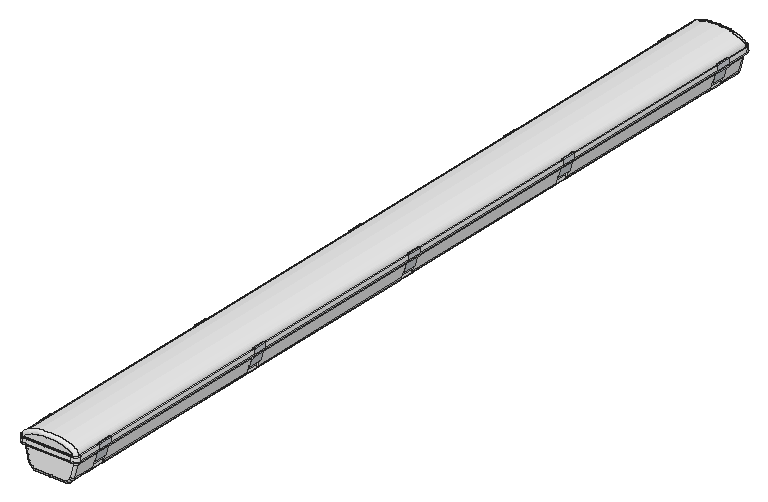
Revit family "0048834 Feilo Sylvania Lighting Fixture HYDROPROOF LED G3 1500MM T 4K QC D", category Lighting Fixtures, host Face, Revit 2016
Family settings
  Host = Face
  Part Type = Normal
  Round Connector Dimension = Use Diameter
  OmniClass Number = 23.80.70.11.14
  OmniClass Title = General Luminaries, Directional
  Cut with Voids When Loaded = No
  Light Source = Yes
  Shared = No
  Room Calculation Point = No
Parameters (values of type "0048834 HYDROPROOF LED G3 1500MM T 4K QC D")
  Width = 110 mm
  Weight = "2.67 kg"
  Wattage Comments = "n/a"
  Wattage = 47 W
  WarrantyStartDate [instance] = "n/a"
  WarrantyGuarantorParts = "n/a"
  WarrantyDurationUnit = "n/a"
  WarrantyDurationParts = "n/a"
  WarrantyDescription = "n/a"
  built-in parameter 1150110 = 1 (stored number, unit not read)
  Voltage = 230 V
  URL = "http://www.sylvania-lighting.com"
  TypeName = "HYDROPROOF LED G3 1500MM T 4K QC D"
  Type Image = <None>
  Type Comments = "n/a"
  built-in parameter 1114217 = 1 (stored number, unit not read)
  Tilt Angle = -90.00°
  built-in parameter 1150109 = 1 (stored number, unit not read)
  built-in parameter 1150134 = 12
  built-in parameter 1150113 = 1 (stored number, unit not read)
  SerialNumber [instance] = "n/a"
  ReflectorMaterial = none
  PowerFactor = 0
  PowerConsumption = "47 W"
  Photometric Web File = "0048834.ies"
  NominalWidth = 0 mm
  NominalLength = 1578 mm
  NominalHeight = 78 mm
  Name = "HYDROPROOF LED G3 1500MM T 4K QC D"
  ModelReference = "HYDROPROOF LED G3 1500MM T 4K QC D"
  ModelNumber = "0048834"
  Model = "HYDROPROOF LED G3 1500MM T 4K QC D"
  Material = "grp housing, pmma diffuser"
  ManufacturerName = "Feilo Sylvania"
  Manufacturer = "Feilo Sylvania"
  LuminousEfficacy = "147 lm/W"
  built-in parameter 1150105 = 549.8 (stored number, unit not read)
  Lumens = 6909 lm
  LuminaireType = ""
  built-in parameter 1150115 = 1 (stored number, unit not read)
  LightOutputRatio = "n/a"
  built-in parameter 1150137 = (empty or 0)
  built-in parameter 1150139 = (empty or 0)
  Length = 1572 mm
  LampsType = Lamp  # "LED"
  LampNominalLuminous = "6900 lm"
  LampMacAdamStep = "3"
  LampColourTemperature = "4000 K"
  LampColourRenderingIndex = "80"
  built-in parameter 1150112 = 1 (stored number, unit not read)
  built-in parameter 1150114 = 1 (stored number, unit not read)
  Lamp = "LED"
  Keynote = "16500"
  InstallationDate [instance] = "n/a"
  InputVoltage = "220-240V~"
  InputNominalFrequency = "DC/50/60 Hz"
  built-in parameter 1150132 = (empty or 0)
  built-in parameter 1150102 = (empty or 0)
  built-in parameter 1150107 = 4000 (stored number, unit not read)
  built-in parameter 1150138 = (empty or 0)
  IngressProtection = "IP65"
  ImpactProtectionIndex = "IK02"
  built-in parameter 1150106 = 5.498 (stored number, unit not read)
  IfcExportType = "IfcLightFixtureType"
  IfcExportAs = "IfcLightFixtureType"
  ExpectedLife = 50000
  Emit from Rectangle Width = Width - 20 mm  # 90 mm
  Emit from Rectangle Length = Length - 20 mm  # 1552 mm
  Emit Shape Visible in Rendering = no
  ElectricShockClassification = "Class I"
  built-in parameter 1150104 = 13.657 (stored number, unit not read)
  DurationUnit = "hours"
  DocumentationLiterature = "http://www.sylvania-lighting.com/product/en-int/products/0048834"
  DimmingControlOptions = "Dimmable"
  Dimming Lamp Color Temperature Shift = <None>
  DiffuserMaterial = Diffuser-Sylvania-Transparent
  Description = "Hydroproof, integrated LED chemical resistant weatherproof luminaire with quick connector, with UV stabilized flat diffuser and linear prisms designed to achieve uniform lit appearance, optimise light output and to reduce glare, stainless steel diffuser clips and fixing brackets for surface and wall mounting. L 1578 mm x W 110 mm x H 78 mm size, GRP housing, PMMA diffuser, DALI dimmable, 4000K, CRI80,  6900 lm, 47 W, 147 lm/W, nominal average life (h):50000, energy class: A++ A+ A Class I,IK02, IP65."
  Default Elevation = 1219.2 mm
  CreatedOn = "3/27/2018"
  CreatedBy = "aron.fodor@feilosylvania.com"
  Cost = 0
  Color Filter = 16777215
  built-in parameter 1114216 [instance] = (empty or 0)
  ClassificationValue = "EF_70_80"
  ClassificationName = "Uniclass2015"
  BodyMaterial = Body-Sylvania-Gray
  BarCode [instance] = "n/a"
  built-in parameter 1114218 = 1 (stored number, unit not read)
  built-in parameter 1150133 = 10 (stored number, unit not read)
  AssetType = "Fixed"
  AssetIdentifier [instance] = "n/a"
  Assembly Code = "D5020200"
  Apparent Load = 47 VA
  AccessoryMaterial = Diffuser-Sylvania-Glow
Reference planes
  plane 1 "Center (Front/Back)": y = 0
  plane 2: z = 0
  plane 3 "Center (Left/Right)": x = 0
  plane 4: z = 54
  plane 5: x = -27.7
  plane 6: x = -34.8
  plane 7: x = -39.6
  plane 8: x = -42.2
  plane 9: z = 3
  plane 10: z = 7.8
  plane 11: z = 12.3
  plane 12: z = 36.6
  plane 13: z = 42.8
  plane 14: x = -51.1
  plane 15: z = 46.2
  plane 16: x = -55
  plane 17: y = 786
  plane 18: y = -786
  plane 19: x = 27.7
  plane 20: x = 34.8
  plane 21: x = 39.6
  plane 22: x = 42.2
  plane 23: x = 51.1
  plane 24: x = 55
  plane 25: y = 778.4
  plane 26: y = -778.4
  plane 27: y = -774.7
  plane 28: y = 774.7
  plane 29: z = 74
  plane 30: x = -51.5
  plane 31: x = 51.5
  plane 32: z = 55.2
  plane 33: y = -782.5
  plane 34: y = 782.5
  plane 35: x = -37.5
  plane 36: x = 37.5
  plane 37: x = -48.7
  plane 38: x = 48.7
  plane 39: x = 18
  plane 40: x = -18
  plane 41: z = 50.2
  plane 42: z = 24.6
  plane 43: y = 720
  plane 44: y = 706
  plane 45: y = 734
  plane 46: y = -720
  plane 47: y = 720
  plane 48: y = 706
  plane 49: y = 734
  plane 50: y = -720
  plane 51: y = -734
  plane 52: y = -706
  plane 53: y = 360
  plane 54: y = 346
  plane 55: y = 374
  plane 56: y = 0
  plane 57: y = -14
  plane 58: y = 14
  plane 59: y = -360
  plane 60: y = -374
  plane 61: y = -346
Forms (mm)
  Sweep 1, solid, material "Body-Sylvania-Gray" <- "BodyMaterial", detail levels medium+fine
    path origin (1223.4, -4572, 54) x (0, -1, 0) y (1, 0, 0)
      loop
        arc (-3796, -1278.4) -> (-3788.929, -1275.471) -> (-3786, -1268.4) r 10
        line (-3786, -1268.4) -> (-3786, -1178.4)
        arc (-3786, -1178.4) -> (-3788.929, -1171.329) -> (-3796, -1168.4) r 10
        line (-3796, -1168.4) -> (-5348, -1168.4)
        arc (-5348, -1168.4) -> (-5355.071, -1171.329) -> (-5358, -1178.4) r 10
        line (-5358, -1178.4) -> (-5358, -1268.4)
        arc (-5358, -1268.4) -> (-5355.071, -1275.471) -> (-5348, -1278.4) r 10
        line (-5348, -1278.4) -> (-3796, -1278.4)
    profile origin (-55, 0, 54) x (-1, 0, 0) y (0, 0, 1)
      loop
        line (0, 0) -> (-1, 0) -> (-1, -7.726)
        arc (-1, -7.726) -> (-1.994, -9.498) -> (-3.9, -10.2) r 2.937
        line (-3.9, -10.2) -> (-8.571, -10.2) -> (-8.571, -11.2) -> (-3.9, -11.2)
        arc (-3.9, -11.2) -> (-1.313, -10.231) -> (0, -7.8) r 3.937
        line (0, -7.8) -> (0, 0)
  Sweep 2, solid, material "Body-Sylvania-Gray" <- "BodyMaterial", detail levels medium+fine
    path origin (0, 0, 0) x (1, 0, 0) y (0, 0, 1)
      loop
        line (48.7, 42.8) -> (48.7, 36.6) -> (42.203, 12.31)
        arc (42.203, 12.31) -> (41.199, 9.884) -> (39.6, 7.8) r 10.052
        line (39.6, 7.8) -> (34.8, 3)
        arc (34.8, 3) -> (31.554, 0.781) -> (27.7, 0) r 9.902
        line (27.7, 0) -> (0, 0) -> (-27.7, 0)
        arc (-27.7, 0) -> (-31.554, 0.781) -> (-34.8, 3) r 9.902
        line (-34.8, 3) -> (-39.6, 7.8)
        arc (-39.6, 7.8) -> (-41.199, 9.884) -> (-42.203, 12.31) r 10.052
        line (-42.203, 12.31) -> (-48.7, 36.6) -> (-48.7, 42.8)
    profile origin (0, 0, 0) x (0, 0, -1) y (0, -1, 0)
      loop
        arc (0, 773.4) -> (-1.464, 776.936) -> (-5, 778.4) r 5
        line (-5, 778.4) -> (-7.8, 778.4) -> (-7.8, -778.4) -> (-5, -778.4)
        arc (-5, -778.4) -> (-1.464, -776.936) -> (0, -773.4) r 5
        line (0, -773.4) -> (0, 773.4)
  Extrusion 3, solid, material "Body-Sylvania-Gray" <- "BodyMaterial", detail levels medium+fine
    sketch origin (1524, 778.4, 1219.2) x (1, 0, 0) y (0, 0, 1)
      loop
        arc (-1558.668, -1204.874) -> (-1558.443, -1205.418) -> (-1558.085, -1205.885) r 2.252
        line (-1558.085, -1205.885) -> (-1553.231, -1210.738)
        arc (-1553.231, -1210.738) -> (-1552.534, -1211.227) -> (-1551.7, -1211.4) r 2.102
        line (-1551.7, -1211.4) -> (-1496.3, -1211.4)
        arc (-1496.3, -1211.4) -> (-1495.466, -1211.227) -> (-1494.769, -1210.738) r 2.102
        line (-1494.769, -1210.738) -> (-1489.915, -1205.885)
        arc (-1489.915, -1205.885) -> (-1489.557, -1205.418) -> (-1489.332, -1204.874) r 2.252
        line (-1489.332, -1204.874) -> (-1483.1, -1181.575) -> (-1483.1, -1176.4) -> (-1564.9, -1176.4) -> (-1564.9, -1181.575) -> (-1558.668, -1204.874)
    from 0 to 1556.8
  Sweep 4, solid, material "Diffuser-Sylvania-Transparent" <- "DiffuserMaterial", detail levels medium+fine
    path origin (0, 0, 0) x (1, 0, 0) y (0, 0, 1)
      loop
        spline (-51.5, 55.2) -> (-49.745, 60.066) -> (-44.6, 64.6) -> (-36.416, 68.494) -> (-25.75, 71.481) -> (-13.329, 73.359) -> (0, 74) -> (13.329, 73.359) -> (25.75, 71.481) -> (36.416, 68.494) -> (44.6, 64.6) -> (49.745, 60.066) -> (51.5, 55.2)
    profile origin (51.5, 0, 55.2) x (0, -1, 0) y (1, 0, 0)
      loop
        arc (782.5, -5.5) -> (780.889, -1.611) -> (777, 0) r 5.5
        line (777, 0) -> (-777, 0)
        arc (-777, 0) -> (-780.889, -1.611) -> (-782.5, -5.5) r 5.5
        line (-782.5, -5.5) -> (-782.5, -6.3) -> (-781.5, -6.3) -> (-781.5, -5.5)
        arc (-781.5, -5.5) -> (-780.182, -2.318) -> (-777, -1) r 4.5
        line (-777, -1) -> (777, -1)
        arc (777, -1) -> (780.182, -2.318) -> (781.5, -5.5) r 4.5
        line (781.5, -5.5) -> (781.5, -6.347) -> (782.5, -6.347) -> (782.5, -5.5)
  Extrusion 5, solid, material "Diffuser-Sylvania-Transparent" <- "DiffuserMaterial", detail levels medium+fine
    sketch origin (1524, -782.5, 1219.2) x (1, 0, 0) y (0, 0, 1)
      loop
        line (-1569.653, -1164) -> (-1478.347, -1164)
        spline (-1478.347, -1164) -> (-1478.969, -1162.594) -> (-1482.527, -1159.545) -> (-1489.588, -1156.201) -> (-1499.458, -1153.445) -> (-1511.242, -1151.663) -> (-1524, -1151.049) -> (-1536.758, -1151.663) -> (-1548.542, -1153.445) -> (-1558.412, -1156.201) -> (-1565.473, -1159.545) -> (-1569.031, -1162.594) -> (-1569.653, -1164)
    from 0 to -1
  Extrusion 6, solid, material "Diffuser-Sylvania-Transparent" <- "DiffuserMaterial", detail levels medium+fine
    sketch origin (1524, 782.5, 1219.2) x (1, 0, 0) y (0, 0, 1)
      loop
        spline (-1478.3, -1164) -> (-1478.931, -1162.565) -> (-1482.502, -1159.505) -> (-1489.572, -1156.155) -> (-1499.446, -1153.394) -> (-1511.236, -1151.614) -> (-1524, -1151.007) -> (-1536.764, -1151.614) -> (-1548.554, -1153.394) -> (-1558.428, -1156.155) -> (-1565.498, -1159.505) -> (-1569.069, -1162.565) -> (-1569.7, -1164)
        line (-1569.7, -1164) -> (-1478.3, -1164)
    from 0 to 1
  Extrusion 7, solid, material "Diffuser-Sylvania-Transparent" <- "DiffuserMaterial", detail levels medium+fine
    sketch origin (1223.4, -4572, 55.2) x (0, -1, 0) y (-1, 0, 0)
      loop
        arc (-5353.5, 1177.4) -> (-5352.182, 1174.218) -> (-5349, 1172.9) r 4.5
        line (-5349, 1172.9) -> (-3795, 1172.9)
        arc (-3795, 1172.9) -> (-3791.818, 1174.218) -> (-3790.5, 1177.4) r 4.5
        line (-3790.5, 1177.4) -> (-3790.5, 1269.4)
        arc (-3790.5, 1269.4) -> (-3791.818, 1272.582) -> (-3795, 1273.9) r 4.5
        line (-3795, 1273.9) -> (-5349, 1273.9)
        arc (-5349, 1273.9) -> (-5352.182, 1272.582) -> (-5353.5, 1269.4) r 4.5
        line (-5353.5, 1269.4) -> (-5353.5, 1177.4)
      loop
        line (-5358, 1268.4) -> (-5358, 1178.4)
        arc (-5358, 1178.4) -> (-5355.071, 1171.329) -> (-5348, 1168.4) r 10
        line (-5348, 1168.4) -> (-3796, 1168.4)
        arc (-3796, 1168.4) -> (-3788.929, 1171.329) -> (-3786, 1178.4) r 10
        line (-3786, 1178.4) -> (-3786, 1268.4)
        arc (-3786, 1268.4) -> (-3788.929, 1275.471) -> (-3796, 1278.4) r 10
        line (-3796, 1278.4) -> (-5348, 1278.4)
        arc (-5348, 1278.4) -> (-5355.071, 1275.471) -> (-5358, 1268.4) r 10
    from 0 to 1.2
  Extrusion 8, solid, material "Diffuser-Sylvania-Glow" <- "AccessoryMaterial", detail levels fine
    sketch origin (0, 0, 0) x (1, 0, 0) y (0, 0, 1)
      loop
        circle (-18, 50.2) r 8
      loop
        circle (18, 50.2) r 8
    from -774.7 to 774.7
  Extrusion 9, void
    sketch origin (0, 720, 2343.807) x (0, 0, -1) y (-1, 0, 0)
      loop
        line (2340.807, -37.5) -> (2331.507, -37.5) -> (2319.207, -42.2) -> (2319.207, -48.7) -> (2340.807, -48.7) -> (2340.807, -37.5)
      loop
        line (2340.807, 37.5) -> (2340.807, 48.7) -> (2319.207, 48.7) -> (2319.207, 42.2) -> (2331.507, 37.5) -> (2340.807, 37.5)
    from -14 to 14
  Extrusion 10, solid, material "Body-Sylvania-Gray" <- "BodyMaterial", detail levels coarse
    sketch origin (0, 0, 0) x (1, 0, 0) y (0, 0, 1)
      loop
        line (55, 42.8) -> (55, 55.2) -> (-55, 55.2) -> (-55, 42.791) -> (-42.2, 0) -> (42.2, 0) -> (55, 42.8)
    from -786 to 786
  Extrusion 11, solid, material "Diffuser-Sylvania-Transparent" <- "DiffuserMaterial", detail levels coarse
    sketch origin (0, 0, 0) x (1, 0, 0) y (0, 0, 1)
      loop
        arc (51.5, 55.2) -> (0, 74) -> (-51.5, 55.2) r 79.939
        line (-51.5, 55.2) -> (51.5, 55.2)
    from 778.4 to -778.4
  Extrusion 12, void, not visible
    sketch origin (0, 720, 2343.807) x (0, 0, -1) y (-1, 0, 0)
      loop
        line (2340.807, -37.5) -> (2331.507, -37.5) -> (2319.207, -42.2) -> (2319.207, -48.7) -> (2340.807, -48.7) -> (2340.807, -37.5)
      loop
        line (2340.807, 37.5) -> (2340.807, 48.7) -> (2319.207, 48.7) -> (2319.207, 42.2) -> (2331.507, 37.5) -> (2340.807, 37.5)
    from -14 to 14
  Extrusion 13, void
    sketch origin (0, -720, 2343.807) x (0, 0, -1) y (-1, 0, 0)
      loop
        line (2340.807, -37.5) -> (2331.507, -37.5) -> (2319.207, -42.2) -> (2319.207, -48.7) -> (2340.807, -48.7) -> (2340.807, -37.5)
      loop
        line (2340.807, 37.5) -> (2340.807, 48.7) -> (2319.207, 48.7) -> (2319.207, 42.2) -> (2331.507, 37.5) -> (2340.807, 37.5)
    from -14 to 14
  Extrusion 14, void
    sketch origin (0, 360, 2343.807) x (0, 0, -1) y (-1, 0, 0)
      loop
        line (2340.807, -37.5) -> (2331.507, -37.5) -> (2319.207, -42.2) -> (2319.207, -48.7) -> (2340.807, -48.7) -> (2340.807, -37.5)
      loop
        line (2340.807, 37.5) -> (2340.807, 48.7) -> (2319.207, 48.7) -> (2319.207, 42.2) -> (2331.507, 37.5) -> (2340.807, 37.5)
    from -14 to 14
  Extrusion 15, void
    sketch origin (0, 0, 2343.807) x (0, 0, -1) y (-1, 0, 0)
      loop
        line (2340.807, -37.5) -> (2331.507, -37.5) -> (2319.207, -42.2) -> (2319.207, -48.7) -> (2340.807, -48.7) -> (2340.807, -37.5)
      loop
        line (2340.807, 37.5) -> (2340.807, 48.7) -> (2319.207, 48.7) -> (2319.207, 42.2) -> (2331.507, 37.5) -> (2340.807, 37.5)
    from -14 to 14
  Extrusion 16, void
    sketch origin (0, -360, 2343.807) x (0, 0, -1) y (-1, 0, 0)
      loop
        line (2340.807, -37.5) -> (2331.507, -37.5) -> (2319.207, -42.2) -> (2319.207, -48.7) -> (2340.807, -48.7) -> (2340.807, -37.5)
      loop
        line (2340.807, 37.5) -> (2340.807, 48.7) -> (2319.207, 48.7) -> (2319.207, 42.2) -> (2331.507, 37.5) -> (2340.807, 37.5)
    from -14 to 14
Cuts and joins
  Extrusion 9, Extrusion 13, Extrusion 14, Extrusion 15, Extrusion 16 cuts Sweep 2
  Extrusion 13, Extrusion 14, Extrusion 15, Extrusion 16 cuts Extrusion 3
  joined: Sweep 2, Extrusion 3
  joined: Sweep 4, Extrusion 5, Extrusion 6
Dimensions and locks
  locked: plane 4 to plane 2 at 54
  plane 5 to plane 6 to plane 7 to plane 8 to plane 14 to plane 16 = 7.1 mm locked, 4.8 mm locked, 2.6 mm locked, 8.9 mm, 3.9 mm
  plane 4 to plane 15 to plane 13 to plane 12 to plane 11 to plane 10 to plane 9 = 7.8 mm locked, 3.4 mm, 6.2 mm locked, 24.3 mm locked, 4.5 mm locked, 4.8 mm locked
  equal spacing: plane 18, plane 1 "Center (Front/Back)", plane 17
  "Length": plane 18 to plane 17
  plane 19 to plane 20 to plane 21 to plane 22 to plane 23 to plane 24 = 7.1 mm locked, 4.8 mm locked, 2.6 mm locked, 8.9 mm, 3.9 mm
  equal spacing: plane 24, plane 3 "Center (Left/Right)", plane 16
  "Width": plane 24 to plane 16
  equal spacing: plane 27, plane 1 "Center (Front/Back)", plane 28
  locked: plane 26 to plane 27 at 3.7
  locked: Sweep 1 sketch curve to profile plane at 1
  locked: Sweep 1 sketch curve to plane 13 at 1
  locked: Sweep 1 sketch curve to plane 13 at 3.937  (x2)
  locked: Sweep 1 sketch curve to profile plane at 3.9  (x2)
  locked: plane 29 to plane 4 at 20
  equal spacing: plane 31, plane 3 "Center (Left/Right)", plane 30
  locked: plane 30 to plane 16 at 3.5
  locked: plane 32 to plane 4 at 1.2
  equal spacing: plane 33, plane 1 "Center (Front/Back)", plane 34
  equal spacing: plane 36, plane 3 "Center (Left/Right)", plane 35
  locked: plane 3 "Center (Left/Right)" to plane 35 at 37.5
  locked: plane 34 to plane 17 at 3.5
  equal spacing: plane 38, plane 3 "Center (Left/Right)", plane 37
  locked: plane 37 to plane 16 at 6.3
  equal spacing: plane 25, plane 1 "Center (Front/Back)", plane 26
  locked: plane 17 to plane 25 at 7.6
  locked: Sweep 2 sketch curve to plane 2 at 5  (x2)
  locked: Sweep 2 sketch curve to plane 26 at 5
  locked: plane 25 to Sweep 2 sketch curve at 5
  locked: Sweep 4 sketch curve to plane 31 at 5.5  (x2)
  locked: Sweep 4 sketch curve to plane 34 at 5.5
  plane 33 to Sweep 4 sketch curve = 5.5 mm
  locked: plane 34 to Sweep 4 sketch curve at 1
  locked: Sweep 4 sketch curve to plane 31 at 1
  locked: Sweep 4 sketch curve to Sweep 4 sketch curve at 1
  locked: Sweep 4 sketch curve to plane 31 at 6.347
  locked: Sweep 4 sketch curve to plane 31 at 6.3
  equal spacing: plane 39, plane 3 "Center (Left/Right)", plane 40
  locked: plane 3 "Center (Left/Right)" to plane 40 at 18
  locked: plane 42 to plane 2 at 24.6
  plane 45 to plane 43 to plane 44 = 14 mm locked, 14 mm locked
  locked: plane 17 to plane 43 at 66
  equal spacing: plane 43, plane 1 "Center (Front/Back)", plane 46
  plane 49 to plane 47 to plane 48 = 14 mm locked, 14 mm locked
  plane 52 to plane 50 to plane 51 = 14 mm locked, 14 mm locked  (x2)
  equal spacing: group 1, group 6, group 7, group 8, group 5  (x2)
  equal spacing: group 5, group 8, group 7, group 6, group 1
  plane 55 to plane 53 to plane 54 = 14 mm locked, 14 mm locked  (x2)
  plane 58 to plane 56 to plane 57 = 14 mm locked, 14 mm locked  (x2)
  plane 61 to plane 59 to plane 60 = 14 mm locked, 14 mm locked  (x2)
  plane 43 to plane 53 to plane 1 "Center (Front/Back)" to plane 59 to plane 50 = 360 mm locked, 360 mm locked, 360 mm locked, 360 mm locked
  aligned and locked: plane 2 to host face
  aligned and locked: level to host face
  aligned and locked: plane 16 to Sweep 1 sketch curve
  aligned and locked: Sweep 1 sketch curve to plane 24
  aligned and locked: plane 18 to Sweep 1 sketch curve
  aligned and locked: Sweep 1 sketch curve to plane 13
  aligned and locked: profile plane to Sweep 1 sketch curve
  aligned and locked: plane 3 "Center (Left/Right)" to Sweep 2 sketch curve
  aligned and locked: plane 9 to Sweep 2 sketch curve
  aligned and locked: plane 10 to Sweep 2 sketch curve
  aligned and locked: plane 37 to Sweep 2 sketch curve
  aligned and locked: plane 12 to Sweep 2 sketch curve
  aligned and locked: Sweep 2 sketch curve to level
  aligned and locked: plane 21 to Sweep 2 sketch curve
  aligned and locked: plane 38 to Sweep 2 sketch curve
  aligned and locked: profile plane to Sweep 2 sketch curve
  aligned and locked: plane 25 to Sweep 2 sketch curve
  aligned and locked: Sweep 2 sketch curve to plane 10
  aligned and locked: Extrusion 3 sketch curve to Sweep 2  (x7)
  aligned and locked: Sweep 2 to Extrusion 3 sketch curve
  aligned and locked: Extrusion 3 to plane 25
  aligned and locked: plane 26 to Extrusion 3
  aligned and locked: plane 32 to Sweep 4 sketch curve
  aligned and locked: plane 33 to Sweep 4 sketch curve
  aligned and locked: Sweep 4 to Extrusion 5
  aligned and locked: plane 33 to Extrusion 5
  aligned and locked: Extrusion 5 sketch curve to Sweep 4
  aligned and locked: cut or joined group of Sweep 4, Extrusion 5, Extrusion 6 to Extrusion 6 sketch curve
  aligned and locked: Extrusion 7 sketch curve to cut or joined group of Sweep 4, Extrusion 5, Extrusion 6  (x2)
  aligned and locked: cut or joined group of Sweep 4, Extrusion 5, Extrusion 6 to Extrusion 7 sketch curve  (x2)
  aligned and locked: plane 41 to Extrusion 8 sketch curve  (x2)
  aligned and locked: plane 39 to Extrusion 8 sketch curve
  aligned and locked: plane 27 to Extrusion 8
  aligned and locked: Extrusion 8 to plane 28
  aligned and locked: Extrusion 9 to plane 42
  aligned and locked: plane 9 to Extrusion 9
  aligned and locked: plane 44 to Extrusion 9
  aligned and locked: Extrusion 9 to plane 45
  aligned and locked: Extrusion 7 sketch curve to Sweep 1  (x4)
  aligned and locked: plane 4 to Extrusion 7
  aligned and locked: Extrusion 7 to plane 32
  aligned and locked: nested 2 to plane 43
  aligned and locked: plane 43 to nested 1
  aligned and locked: Extrusion 10 sketch curve to plane 24
  aligned and locked: Extrusion 10 sketch curve to Extrusion 7
  aligned and locked: plane 8 to Extrusion 10 sketch curve
  aligned and locked: plane 22 to Extrusion 10 sketch curve
  aligned and locked: level to Extrusion 10 sketch curve
  aligned and locked: Extrusion 10 to plane 17
  aligned and locked: plane 18 to Extrusion 10
  aligned and locked: cut or joined group of Sweep 4, Extrusion 5, Extrusion 6 to Extrusion 11 sketch curve
  aligned and locked: Extrusion 11 sketch curve to cut or joined group of Sweep 4, Extrusion 5, Extrusion 6  (x2)
  aligned and locked: plane 31 to Extrusion 11 sketch curve
  aligned and locked: plane 30 to Extrusion 11 sketch curve
  aligned and locked: plane 26 to Extrusion 11
  aligned and locked: Extrusion 11 to plane 25
  aligned and locked: imposter light to plane 29
  aligned and locked: plane 3 "Center (Left/Right)" to imposter light
  aligned and locked: plane 1 "Center (Front/Back)" to imposter light
  aligned and locked: plane 51 to Extrusion 13
  aligned and locked: Extrusion 13 to plane 52
  aligned and locked: plane 54 to Extrusion 14
  aligned and locked: Extrusion 14 to plane 55
  aligned and locked: plane 57 to Extrusion 15
  aligned and locked: Extrusion 15 to plane 58
  aligned and locked: plane 60 to Extrusion 16
  aligned and locked: Extrusion 16 to plane 61
  aligned and locked: nested 3 to plane 53
  aligned and locked: plane 53 to nested 10
  aligned and locked: nested 4 to plane 56
  aligned and locked: plane 56 to nested 9
  aligned and locked: nested 5 to plane 59
  aligned and locked: plane 59 to nested 8
  aligned and locked: nested 6 to plane 50
  aligned and locked: plane 50 to nested 7
Automatic sketch dimensions
  host sketch curve to host sketch curve = 2438.4 mm  (x2)
  plane 17 to Sweep 1 sketch curve = 0 mm
  Sweep 1 sketch curve to plane 28 = 1.3 mm
  Sweep 1 sketch curve to plane 7 = 5.4 mm
  plane 27 to Sweep 1 sketch curve = 1.3 mm  (x2)
  Sweep 1 sketch curve to Sweep 1 sketch curve = 4.671 mm
  Sweep 1 sketch curve to plane 4 = 0 mm
  Sweep 2 sketch curve to plane 7 = 0 mm
  Sweep 2 sketch curve to plane 6 = 0 mm
  Sweep 2 sketch curve to plane 5 = 0 mm
  plane 19 to Sweep 2 sketch curve = 0 mm
  Sweep 2 sketch curve to plane 9 = 0 mm
  plane 20 to Sweep 2 sketch curve = 0 mm
  Sweep 2 sketch curve to plane 12 = 0 mm
  Sweep 2 sketch curve to plane 10 = 0 mm
  Sweep 2 sketch curve to plane 13 = 0 mm  (x2)
  Sweep 2 sketch curve to plane 8 = 0.003 mm
  plane 6 to Sweep 2 sketch curve = 2.308 mm
  plane 20 to Sweep 2 sketch curve = 2.308 mm
  Sweep 2 sketch curve to plane 22 = 0.003 mm
  Sweep 2 sketch curve to plane 11 = 0.01 mm  (x2)
  Extrusion 3 sketch curve to plane 5 = 0 mm
  plane 19 to Extrusion 3 sketch curve = 0 mm
  plane 6 to Extrusion 3 sketch curve = 0.132 mm
  plane 6 to Extrusion 3 sketch curve = 0.715 mm
  Extrusion 3 sketch curve to Extrusion 3 sketch curve = 1.592 mm
  Extrusion 3 sketch curve to plane 10 = 0.662 mm  (x2)
  plane 20 to Extrusion 3 sketch curve = 2.308 mm
  plane 20 to Extrusion 3 sketch curve = 0.715 mm
  plane 20 to Extrusion 3 sketch curve = 0.132 mm
  Sweep 4 sketch curve to plane 30 = 0 mm
  Sweep 4 sketch curve to plane 3 "Center (Left/Right)" = 0 mm
  Sweep 4 sketch curve to Sweep 4 sketch curve = 0 mm  (x2)
  plane 37 to Extrusion 5 sketch curve = 3.047 mm
  Extrusion 5 sketch curve to plane 38 = 3.047 mm
  plane 37 to Extrusion 6 sketch curve = 3 mm
  Extrusion 6 sketch curve to plane 38 = 3 mm
  plane 25 to Extrusion 7 sketch curve = 1.4 mm  (x2)
  Extrusion 7 sketch curve to plane 26 = 1.4 mm  (x2)
  Extrusion 8 sketch curve to plane 40 = 0 mm
  Extrusion 9 sketch curve to Extrusion 9 sketch curve = 0 mm
  Extrusion 9 sketch curve to Extrusion 9 sketch curve = 12.3 mm  (x2)
  Extrusion 9 sketch curve to Extrusion 9 sketch curve = 9.3 mm  (x2)
  Extrusion 9 sketch curve to Extrusion 9 sketch curve = 6.5 mm
  Extrusion 9 sketch curve to Extrusion 9 sketch curve = 4.7 mm  (x2)
  Extrusion 9 sketch curve to Extrusion 9 sketch curve = 75 mm
  Extrusion 9 sketch curve to Extrusion 9 sketch curve = 11.2 mm
  Extrusion 10 sketch curve to plane 13 = 0 mm
  plane 13 to Extrusion 10 sketch curve = 0.009 mm
  Extrusion 11 sketch curve to level = 5.939 mm
  Extrusion 10 sketch curve to plane 16 = 0 mm
  Extrusion 12 sketch curve to Extrusion 12 sketch curve = 0 mm
  Extrusion 12 sketch curve to Extrusion 12 sketch curve = 12.3 mm  (x2)
  Extrusion 12 sketch curve to Extrusion 12 sketch curve = 9.3 mm  (x2)
  Extrusion 12 sketch curve to Extrusion 12 sketch curve = 6.5 mm
  Extrusion 12 sketch curve to Extrusion 12 sketch curve = 4.7 mm  (x2)
  Extrusion 12 sketch curve to Extrusion 12 sketch curve = 75 mm
  Extrusion 12 sketch curve to Extrusion 12 sketch curve = 11.2 mm
  Extrusion 13 sketch curve to Extrusion 13 sketch curve = 0 mm
  Extrusion 13 sketch curve to Extrusion 13 sketch curve = 12.3 mm  (x2)
  Extrusion 13 sketch curve to Extrusion 13 sketch curve = 9.3 mm  (x2)
  Extrusion 13 sketch curve to Extrusion 13 sketch curve = 6.5 mm
  Extrusion 13 sketch curve to Extrusion 13 sketch curve = 4.7 mm  (x2)
  Extrusion 13 sketch curve to Extrusion 13 sketch curve = 75 mm
  Extrusion 13 sketch curve to Extrusion 13 sketch curve = 11.2 mm
  Extrusion 14 sketch curve to Extrusion 14 sketch curve = 0 mm
  Extrusion 14 sketch curve to Extrusion 14 sketch curve = 12.3 mm  (x2)
  Extrusion 14 sketch curve to Extrusion 14 sketch curve = 9.3 mm  (x2)
  Extrusion 14 sketch curve to Extrusion 14 sketch curve = 6.5 mm
  Extrusion 14 sketch curve to Extrusion 14 sketch curve = 4.7 mm  (x2)
  Extrusion 14 sketch curve to Extrusion 14 sketch curve = 75 mm
  Extrusion 14 sketch curve to Extrusion 14 sketch curve = 11.2 mm
  Extrusion 15 sketch curve to Extrusion 15 sketch curve = 0 mm
  Extrusion 15 sketch curve to Extrusion 15 sketch curve = 12.3 mm  (x2)
  Extrusion 15 sketch curve to Extrusion 15 sketch curve = 9.3 mm  (x2)
  Extrusion 15 sketch curve to Extrusion 15 sketch curve = 6.5 mm
  Extrusion 15 sketch curve to Extrusion 15 sketch curve = 4.7 mm  (x2)
  Extrusion 15 sketch curve to Extrusion 15 sketch curve = 75 mm
  Extrusion 15 sketch curve to Extrusion 15 sketch curve = 11.2 mm
  Extrusion 16 sketch curve to Extrusion 16 sketch curve = 0 mm
  Extrusion 16 sketch curve to Extrusion 16 sketch curve = 12.3 mm  (x2)
  Extrusion 16 sketch curve to Extrusion 16 sketch curve = 9.3 mm  (x2)
  Extrusion 16 sketch curve to Extrusion 16 sketch curve = 6.5 mm
  Extrusion 16 sketch curve to Extrusion 16 sketch curve = 4.7 mm  (x2)
  Extrusion 16 sketch curve to Extrusion 16 sketch curve = 75 mm
  Extrusion 16 sketch curve to Extrusion 16 sketch curve = 11.2 mm
  radius of Extrusion 8 sketch curve = 8 mm  (x2)
Nested families
  nested 1: "Clip" at (42.2, 720, 24.6), type "Clip", detail levels fine
  nested 2: "Clip" at (-42.2, 720, 24.6) x (-1, 0, 0) z (0, 0, 1), type "Clip", detail levels fine
  nested 3: "Clip" at (-42.2, 360, 24.6) x (-1, 0, 0) z (0, 0, 1), type "Clip", detail levels fine
  nested 4: "Clip" at (-42.2, 0, 24.6) x (-1, 0, 0) z (0, 0, 1), type "Clip", detail levels fine
  nested 5: "Clip" at (-42.2, -360, 24.6) x (-1, 0, 0) z (0, 0, 1), type "Clip", detail levels fine
  nested 6: "Clip" at (-42.2, -720, 24.6) x (-1, 0, 0) z (0, 0, 1), type "Clip", detail levels fine
  nested 7: "Clip" at (42.2, -720, 24.6), type "Clip", detail levels fine
  nested 8: "Clip" at (42.2, -360, 24.6), type "Clip", detail levels fine
  nested 9: "Clip" at (42.2, 0, 24.6), type "Clip", detail levels fine
  nested 10: "Clip" at (42.2, 360, 24.6), type "Clip", detail levels fine
Connectors
  electrical at (0, 0, 0), driven by "Apparent Load"
    settings: index 1, voltage 230 V, apparent load 47 VA, apparent load phase1 0 VA, apparent load phase2 0 VA, apparent load phase3 0 VA, power factor 0, load classification "Lighting", number of poles 1, system type 30, power factor state 1, is connector primary yes, connector utility no, sub classification motor no, connector description ""
Definition of nested family "Clip"
  Parameters (values of type "Clip")
    URL = "http://www.feilosylvania.com"
    Type Comments = "n/a"
    Model = "n/a"
    Manufacturer = "Feilo Sylvania"
    Keynote = "n/a"
    Description = "n/a"
    Default Elevation = 1219.2 mm
    Cost = 0
    BodyMaterial = none
    Assembly Code = "n/a"
  Reference planes
    plane 1 "Center (Front/Back)": y = 0
    plane 2: z = 0
    plane 3 "Center (Left/Right)": x = 0
    plane 4: x = 3.3
    plane 5: x = 6.5
    plane 6: x = 8.9
    plane 7: x = 12.8
    plane 8: z = 12
    plane 9: z = 18.2
    plane 10: z = 21.6
    plane 11: z = 30.6
    plane 12: x = 9.3
    plane 13: z = 19.2
    plane 14: z = 16.2
    plane 15: x = 10.1
    plane 16: y = 12
    plane 17: y = -12
  Forms (mm)
    Extrusion 1, solid
      sketch origin (-0.8, 0, 0) x (1, 0, 0) y (0, 1, 0)
        loop
          line (-1219.2, 1219.2) -> (-1219.2, -1219.2) -> (1219.2, -1219.2) -> (1219.2, 1219.2) -> (-1219.2, 1219.2)
      from 0 to -304.8
    Extrusion 2, solid
      sketch origin (0, 0, 0) x (1, 0, 0) y (0, 0, 1)
        loop
          line (8.9, 16.2) -> (4.58, 0) -> (0, 0) -> (0, -0.8) -> (5.195, -0.8) -> (9.603, 15.731) -> (13.6, 18.806) -> (13.6, 30.6)
          arc (13.6, 30.6) -> (11.45, 32.75) -> (9.3, 30.6) r 2.15
          line (9.3, 30.6) -> (10.1, 30.6)
          arc (10.1, 30.6) -> (11.45, 31.95) -> (12.8, 30.6) r 1.35
          line (12.8, 30.6) -> (12.8, 19.2) -> (8.9, 16.2)
      from -12 to 12
  Lines and regions (mm)
    reference lines
      curve 1: line (3.3, 0, 0) -> (6.5, 0, 12)
      curve 2: arc (8.9, 0, 18.2) -> (11.488, 0, 19.169) -> (12.8, 0, 21.6) r 3.934
  Dimensions and locks
    plane 7 to plane 6 to plane 5 to plane 4 to plane 3 "Center (Left/Right)" = 3.9 mm locked, 2.4 mm locked, 3.2 mm locked, 3.3 mm locked
    plane 11 to plane 10 to plane 9 to plane 8 to plane 2 = 9 mm locked, 3.4 mm locked, 6.2 mm locked, 12 mm locked
    locked: plane 7 to plane 12 at 3.5
    locked: plane 13 to plane 9 at 1
    locked: plane 9 to plane 14 at 2
    locked: plane 15 to plane 12 at 0.8
    locked: plane 2 to Extrusion 2 sketch curve at 0.8
    locked: Extrusion 2 sketch curve to Extrusion 2 sketch curve at 0.8  (x3)
    locked: plane 7 to Extrusion 2 sketch curve at 1.35
    equal spacing: plane 17, plane 1 "Center (Front/Back)", plane 16
    locked: plane 1 "Center (Front/Back)" to plane 16 at 12
    aligned and locked: plane 2 to Extrusion 1
    aligned and locked: level to Extrusion 1
    aligned and locked: plane 4 to curve 1
    aligned and locked: plane 5 to curve 1
    aligned and locked: plane 6 to curve 2
    aligned and locked: plane 10 to curve 2
    aligned and locked: plane 14 to Extrusion 2 sketch curve
    aligned and locked: plane 13 to Extrusion 2 sketch curve
    aligned and locked: plane 7 to Extrusion 2 sketch curve
    aligned and locked: plane 3 "Center (Left/Right)" to Extrusion 2 sketch curve
    aligned and locked: Extrusion 2 sketch curve to level
    aligned and locked: Extrusion 2 sketch curve to plane 11
    aligned and locked: plane 11 to Extrusion 2 sketch curve
    aligned and locked: Extrusion 2 to plane 16
    aligned and locked: plane 17 to Extrusion 2
  Automatic sketch dimensions
    Extrusion 1 sketch curve to Extrusion 1 sketch curve = 2438.4 mm  (x2)
    curve 2 to plane 7 = 0 mm
    curve 1 to level = 0 mm
    curve 1 to plane 8 = 0 mm
    curve 2 to plane 9 = 0 mm
    plane 6 to curve 2 = 0.002 mm
    Extrusion 2 sketch curve to Extrusion 2 sketch curve = 0 mm
    Extrusion 2 sketch curve to plane 6 = 0 mm
    plane 4 to Extrusion 2 sketch curve = 1.28 mm
